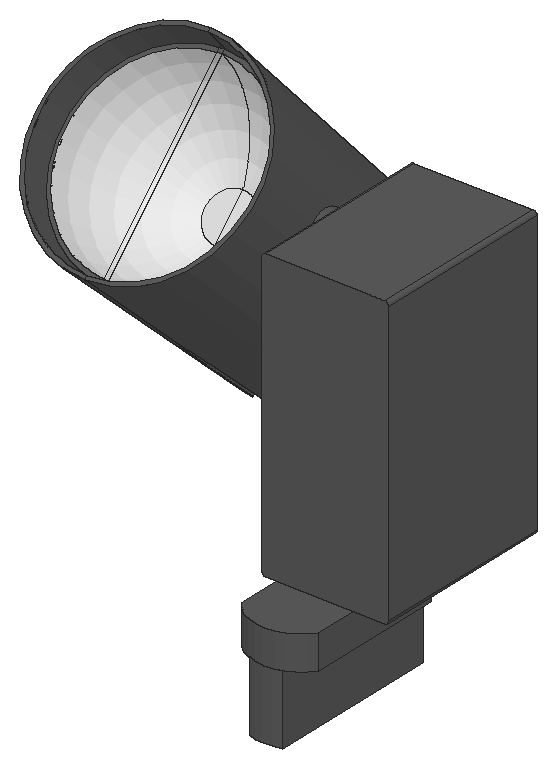
Revit family "0004849 Feilo Sylvania Lighting Fixture START TRACK SPOT S 14W 4K RA80 WB BLACK", category Lighting Fixtures, host Face, Revit 2017 (continued)
Definition of nested family "Start Track Spot Head"
  Types (96, lengths in mm): name | Wattage | built-in parameter 1150134 | Photometric Web File | Model | built-in parameter 1150105 | Lumens | built-in parameter 1150107 | built-in parameter 1150106 | HeadThickness_FEILO | HeadRibOffset_FEILO | HeadRibDepth_FEILO | HeadRibCutWidth_FEILO | HeadRibCutOffset_FEILO | HeadReflectorRadius_FEILO | HeadReflectorOffset_FEILO | HeadLEDRadius_FEILO | HeadHeight_FEILO | HeadDiffusorOffset_FEILO | HeadDiaOut_FEILO | HeadDiaIn_FEILO | HeadAxisFromTop_FEILO | Emit from Circle Diameter | built-in parameter 1150104 | Description | Apparent Load
    0004812 START TRACK SPOT S 14W 3K RA80 MB WHITE | 14 W | (empty or 0) | "0004812.ies" | "START TRACK SPOT S 14W 3K RA80 MB WHITE" | 120.32 (stored number, unit not read) | 1512 lm | 3000 (stored number, unit not read) | 1.2032 (stored number, unit not read) | 1.5 | 4.179 | 55.714 | 7.167 | 50.87 | 50.588 | 55.714 | 9.556 | 117 | 9.435 | 86 | 77.477 | 69.354 | 77.477 | 10.034 (stored number, unit not read) | "Integrated LED spotlight, Textured White - RAL9016, compact and minimalist design, ideal for retail applications, die-cast aluminium body, passive cooling heatsink. Beam angle: 36°, color temperature: 3000K , total system power: 14W, total fixture output: 1508 lm, LOR: 100%, colour rendering: Ra: 80 typical, LED Chromaticity: 3 step MacAdam ellipse, lifetime: >50000 hours at L70B50, energy class: A++, A+, A, IR/UV free light source without heat radiation, operating voltage: 220-240V / 50-60Hz, drive current: 350mA, electronic driver, non-dimmable, power factor: 0.92, electrical protection: Class II, Global Track 3 Phase adapter suitable for Global trac 3-circuit tracks, ingress protection rating: IP20, suitable for internal environment only, horizontal rotation: 355°, vertical tilt: 90°, dimensions: Ø86x140x200, weight: 0.940kg." | 14 VA
    0004811 START TRACK SPOT S 14W 3K RA80 NB WHITE | 14 W | (empty or 0) | "0004811.ies" | "START TRACK SPOT S 14W 3K RA80 NB WHITE" | 123.66 (stored number, unit not read) | 1554 lm | 3000 (stored number, unit not read) | 1.2366 (stored number, unit not read) | 1.5 | 4.179 | 55.714 | 7.167 | 50.87 | 50.588 | 55.714 | 9.556 | 117 | 9.435 | 86 | 77.477 | 69.354 | 77.477 | 10.312 (stored number, unit not read) | "Integrated LED spotlight, Textured White - RAL9016, compact and minimalist design, ideal for retail applications, die-cast aluminium body, passive cooling heatsink. Beam angle: 12°, color temperature: 3000K , total system power: 14W, total fixture output: 1551 lm, LOR: 100%, colour rendering: Ra: 80 typical, LED Chromaticity: 3 step MacAdam ellipse, lifetime: >50000 hours at L70B50, energy class: A++, A+, A, IR/UV free light source without heat radiation, operating voltage: 220-240V / 50-60Hz, drive current: 350mA, electronic driver, non-dimmable, power factor: 0.92, electrical protection: Class II, Global Track 3 Phase adapter suitable for Global trac 3-circuit tracks, ingress protection rating: IP20, suitable for internal environment only, horizontal rotation: 355°, vertical tilt: 90°, dimensions: Ø86x140x200, weight: 0.940kg." | 14 VA
  Reference planes
    plane 1 "Center (Front/Back)": y = 0
    plane 2: z = 0
    plane 3 "Center (Left/Right)": x = 0
    plane 4: x = 43
    plane 5: x = -43
    plane 6: x = -38.739
    plane 7: x = 38.739
    plane 8: z = 69.354
    plane 9: z = -47.646
    plane 10: x = -41.5
    plane 11: x = -37.239
    plane 12: z = -38.211
    plane 13: z = -35.211
    plane 14: z = 8.068
    plane 15: x = -9.556
    plane 16: x = -28.667
    plane 17: x = -19.111
    plane 18: x = -27.167
    plane 19: x = -17.611
    plane 20: x = -8.056
    plane 21: z = 13.64
    plane 22: x = -29.667
    plane 23: x = -26.167
    plane 24: x = -20.111
    plane 25: x = -16.611
    plane 26: x = -10.556
    plane 27: x = -7.056
    plane 28: x = -36.239
    plane 29: x = -40.5
    plane 30: z = 65.175
    plane 31: z = 60.997
    plane 32: z = 56.818
    plane 33: z = 18.484
    plane 34: y = -43
    plane 35: y = 43
    plane 36: y = 3.583
    plane 37: y = -3.583
    plane 38: y = -2.583
    plane 39: y = 2.583
    plane 40: y = 46
    plane 41: z = 13.5
    plane 42: z = -13.5
    plane 43: y = 39
    plane 44: x = 4.708
    plane 45: x = -2.458
    plane 46: x = -1.458
    plane 47: x = 1.458
  Forms (mm)
    Extrusion 1, solid
      sketch origin (4.2, 0, 0) x (1, 0, 0) y (0, 1, 0)
        loop
          line (-1219.2, 1219.2) -> (-1219.2, -1219.2) -> (1219.2, -1219.2) -> (1219.2, 1219.2) -> (-1219.2, 1219.2)
      from 0 to -68.017
    Revolve 2, solid, material <- "Material_1_FEILO", detail levels medium+fine
      sketch origin (0, 0, 0) x (1, 0, 0) y (0, 0, 1)
        loop
          line (-43, -47.646) -> (-41.5, -47.646) -> (-40.5, -35.211) -> (-38.739, -35.211)
          arc (-38.739, -35.211) -> (-30.16, -9.517) -> (-9.556, 8.068) r 50.588
          line (-9.556, 8.068) -> (0, 8.068) -> (0, 13.64) -> (-16.611, 13.64) -> (-17.611, 60.997) -> (-19.111, 60.997) -> (-20.111, 13.64) -> (-36.239, 13.64) -> (-37.239, 69.354) -> (-38.739, 69.354) -> (-43, -47.646)
        axis (0, 69.354) -> (0, -47.646)
      angle from 360 to 0
    Extrusion 3, void
      sketch origin (0, 0, 0) x (0, 1, 0) y (0, 0, 1)
        loop
          line (-3.583, 69.354) -> (-2.583, 18.484) -> (1.932, 18.484) -> (2.932, 69.354) -> (-3.583, 69.354)
      from 43 to -43
    Revolve 4, solid, material <- "Material_2_FEILO", detail levels medium+fine
      sketch origin (0, 0, 0) x (1, 0, 0) y (0, 0, 1)
        loop
          line (-41.5, -38.211) -> (0, -38.211) -> (0, -35.211) -> (-41.5, -35.211) -> (-41.5, -38.211)
        axis (0, -35.211) -> (0, -38.211)
      angle from 360 to 0
    Revolve 5, solid, material <- "Material_1_FEILO"
      sketch origin (0, 0, 0) x (0, 1, 0) y (0, 0, 1)
        loop
          line (46, 0) -> (39, 0) -> (39, -13.5) -> (46, -13.5) -> (46, 0)
        axis (39, 0) -> (46, 0)
      angle from 360 to 0
    Revolve 6, solid, material <- "Material_1_FEILO", detail levels medium+fine
      sketch origin (0, 0, 0) x (1, 0, 0) y (0, 0, 1)
        loop
          line (-29.667, 13.64) -> (-26.167, 13.64) -> (-27.167, 65.175) -> (-28.667, 65.175) -> (-29.667, 13.64)
        loop
          line (-10.556, 13.64) -> (-7.056, 13.64) -> (-7.833, 56.818) -> (-9.778, 56.818) -> (-10.556, 13.64)
        axis (0, 65.175) -> (0, 13.64)
      angle from 360 to 0
    Extrusion 7, void
      sketch origin (0, 0, 0) x (1, 0, 0) y (0, 0, 1)
        loop
          line (4.708, 69.354) -> (-2.458, 69.354) -> (-1.458, 13.64) -> (1.458, 13.64) -> (4.708, 69.354)
      from -43 to 43
    Revolve 8, solid, material <- "Material_1_FEILO", detail levels coarse
      sketch origin (0, 0, 0) x (1, 0, 0) y (0, 0, 1)
        loop
          line (0, 69.354) -> (-38.739, 69.354) -> (-43, -47.646) -> (-41.5, -47.646) -> (-40.731, -38.211) -> (0, -38.211) -> (0, 69.354)
        axis (0, 69.354) -> (0, -47.646)
      angle from 360 to 0
  Cuts and joins
    Extrusion 3 cuts Revolve 2
    Extrusion 7 cuts Revolve 6
  Dimensions and locks
    equal spacing: plane 7, plane 3 "Center (Left/Right)", plane 6
    equal spacing: plane 4, plane 3 "Center (Left/Right)", plane 5
    "HeadDiaOut_FEILO": plane 4 to plane 5
    "HeadDiaIn_FEILO": plane 7 to plane 6
    "HeadHeight_FEILO": plane 8 to plane 9
    "HeadThickness_FEILO": plane 10 to plane 5
    "HeadThickness_FEILO": plane 11 to plane 6
    "HeadDiffusorOffset_FEILO": plane 12 to plane 9
    "HeadDiffusorThickness_FEILO": plane 13 to plane 12
    "HeadReflectorOffset_FEILO": plane 14 to plane 9
    "HeadLEDRadius_FEILO": plane 3 "Center (Left/Right)" to plane 15
    "HeadLEDRadius_FEILO": plane 15 to plane 17
    "HeadLEDRadius_FEILO": plane 17 to plane 16
    "HeadThickness_FEILO": plane 18 to plane 16
    "HeadThickness_FEILO": plane 19 to plane 17
    "HeadThickness_FEILO": plane 20 to plane 15
    "HeadRibDepth_FEILO": plane 8 to plane 21
    "HeadDraft_FEILO": plane 16 to plane 22
    "HeadDraft_FEILO": plane 23 to plane 18
    "HeadDraft_FEILO": plane 17 to plane 24
    "HeadDraft_FEILO": plane 25 to plane 19
    "HeadDraft_FEILO": plane 15 to plane 26
    "HeadDraft_FEILO": plane 27 to plane 20
    "HeadDraft_FEILO": plane 29 to plane 10
    "HeadDraft_FEILO": plane 28 to plane 11
    "HeadRibOffset_FEILO": plane 8 to plane 30
    "HeadRibOffset_FEILO": plane 30 to plane 31
    "HeadRibOffset_FEILO": plane 31 to plane 32
    "HeadAxisFromTop_FEILO": plane 8 to plane 2
    "HeadRibCutOffset_FEILO": plane 8 to plane 33
    equal spacing: plane 34, plane 1 "Center (Front/Back)", plane 35
    "HeadDiaOut_FEILO": plane 34 to plane 35
    equal spacing: plane 38, plane 1 "Center (Front/Back)", plane 39
    equal spacing: plane 37, plane 1 "Center (Front/Back)", plane 36
    "HeadRibCutWidth_FEILO": plane 37 to plane 36
    "HeadDraft_FEILO": plane 37 to plane 38
    locked: plane 35 to plane 40 at 3
    equal spacing: plane 41, plane 2, plane 42
    locked: plane 42 to plane 41 at 27
    locked: plane 43 to plane 35 at 4
    equal spacing: plane 45, imposter light, plane 44
    "HeadDraft_FEILO": plane 46 to plane 45
    "HeadRibCutWidth_FEILO": plane 44 to plane 45
    equal spacing: plane 47, plane 3 "Center (Left/Right)", plane 46
    "HeadReflectorRadius_FEILO": radius of Revolve 2 sketch curve
    aligned and locked: plane 2 to Extrusion 1
    aligned and locked: level to Extrusion 1
    aligned and locked: Revolve 2 sketch curve to plane 3 "Center (Left/Right)"  (x2)
    aligned and locked: plane 9 to Revolve 2 sketch curve  (x2)
    aligned and locked: plane 5 to Revolve 2 sketch curve
    aligned and locked: plane 10 to Revolve 2 sketch curve
    aligned and locked: plane 14 to Revolve 2 sketch curve
    aligned and locked: plane 8 to Revolve 2 sketch curve
    aligned and locked: Revolve 2 sketch curve to plane 13
    aligned and locked: plane 12 to Revolve 4 sketch curve
    aligned and locked: plane 3 "Center (Left/Right)" to Revolve 4 sketch curve
    aligned and locked: Revolve 4 sketch curve to plane 10
    aligned and locked: Revolve 4 sketch curve to plane 3 "Center (Left/Right)"
    aligned and locked: plane 12 to imposter light
    aligned and locked: imposter light to plane 1 "Center (Front/Back)"
    aligned and locked: Revolve 5 sketch curve to plane 2
    aligned and locked: plane 43 to Revolve 5 sketch curve
    aligned and locked: plane 42 to Revolve 5 sketch curve
    aligned and locked: Revolve 6 sketch curve to plane 3 "Center (Left/Right)"
    aligned and locked: plane 22 to Revolve 6 sketch curve
    aligned and locked: plane 30 to Revolve 6 sketch curve
    aligned and locked: plane 23 to Revolve 6 sketch curve
    aligned and locked: Revolve 6 sketch curve to plane 21  (x2)
    aligned and locked: plane 21 to Revolve 6 sketch curve
    aligned and locked: plane 17 to Revolve 2 sketch curve
    aligned and locked: plane 19 to Revolve 2 sketch curve
    aligned and locked: plane 31 to Revolve 2 sketch curve
    aligned and locked: plane 21 to Revolve 2 sketch curve
    aligned and locked: Extrusion 3 to plane 8
    aligned and locked: plane 33 to Extrusion 3
    aligned and locked: plane 8 to Extrusion 3 sketch curve
    aligned and locked: Extrusion 3 sketch curve to plane 33
    aligned and locked: Extrusion 3 to plane 5
    aligned and locked: plane 4 to Extrusion 3
    aligned and locked: plane 32 to Revolve 6 sketch curve
    aligned and locked: plane 44 to Extrusion 7 sketch curve
    aligned and locked: Extrusion 7 sketch curve to plane 8
    aligned and locked: plane 46 to Extrusion 7 sketch curve
    aligned and locked: plane 21 to Extrusion 7 sketch curve
    aligned and locked: plane 34 to Extrusion 7
    aligned and locked: Extrusion 7 to plane 35
    aligned and locked: Revolve 4 sketch curve to plane 13
    aligned and locked: Revolve 5 sketch curve to plane 40
    aligned and locked: Revolve 8 sketch curve to plane 3 "Center (Left/Right)"
    aligned and locked: Revolve 8 sketch curve to cut or joined group of Revolve 2, Extrusion 3  (x3)
    aligned and locked: plane 5 to Revolve 8 sketch curve
    aligned and locked: plane 3 "Center (Left/Right)" to Revolve 8 sketch curve
    aligned and locked: plane 12 to Revolve 8 sketch curve
  Automatic sketch dimensions
    Extrusion 1 sketch curve to Extrusion 1 sketch curve = 2438.4 mm  (x2)
    Extrusion 3 sketch curve to plane 37 = 0 mm
    Extrusion 3 sketch curve to plane 38 = 0 mm
    plane 39 to Extrusion 3 sketch curve = 0.651 mm
    Extrusion 3 sketch curve to plane 39 = 0.349 mm
    Revolve 6 sketch curve to plane 16 = 0 mm
    Revolve 6 sketch curve to plane 18 = 0 mm
    Revolve 6 sketch curve to plane 26 = 0 mm
    Revolve 6 sketch curve to plane 27 = 0 mm
    Revolve 6 sketch curve to plane 15 = 0.222 mm
    plane 9 to Revolve 6 sketch curve = 559.103 mm
    Revolve 6 sketch curve to plane 8 = 2535.555 mm
    plane 20 to Revolve 6 sketch curve = 0.222 mm
    Revolve 2 sketch curve to plane 29 = 0 mm
    Revolve 2 sketch curve to plane 6 = 0 mm  (x2)
    Revolve 2 sketch curve to plane 11 = 0 mm
    Revolve 2 sketch curve to plane 21 = 0 mm
    Revolve 2 sketch curve to plane 28 = 0 mm
    Revolve 2 sketch curve to plane 24 = 0 mm
    Revolve 2 sketch curve to plane 25 = 0 mm
    Revolve 2 sketch curve to plane 15 = 0 mm
    Revolve 2 sketch curve to Revolve 2 sketch curve = 557.155 mm
    Revolve 2 sketch curve to plane 8 = 2535.558 mm
    Extrusion 7 sketch curve to plane 45 = 0 mm
    Extrusion 7 sketch curve to plane 47 = 0 mm
    plane 9 to Revolve 4 sketch curve = 559.103 mm
    Revolve 4 sketch curve to plane 8 = 2535.555 mm
    Revolve 5 sketch curve to level = 0 mm
    plane 34 to Revolve 5 sketch curve = 1968.092 mm
    Revolve 5 sketch curve to plane 40 = 1405.763 mm
    Revolve 8 sketch curve to plane 6 = 0 mm
    Revolve 8 sketch curve to plane 29 = 0.231 mm
    plane 9 to Revolve 8 sketch curve = 559.103 mm
    Revolve 8 sketch curve to Revolve 8 sketch curve = 2535.555 mm
Definition of nested family "Start Track Spot Box"
  Parameters (values of type "Type Large White")
    URL = "http://www.feilosylvania.com"
    Type Image = (empty or 0)
    Type Comments = "n/a"
    Small_FEILO = no
    Material_3_FEILO = none
    Model = ""
    Manufacturer = "Feilo Sylvania"
    Keynote = ""
    Material_2_FEILO = none
    Description = ""
    Default Elevation = 1219.2 mm
    Cost = 0
    Material_1_FEILO = none
    BoxWidth_FEILO = 49 mm
    BoxStartAngle_FEILO [instance] = 0.00°
    BoxRadius_FEILO = 1.5 mm
    BoxHeight_FEILO = if(Small_FEILO, 112 mm, 136 mm)  # 136 mm
    BoxEndAngle_FEILO [instance] = BoxStartAngle_FEILO - 180.00°  # -180.00°
    BoxDepth_FEILO = if(Small_FEILO, 71.5 mm, 79 mm)  # 79 mm
    BoxAxisVerticalOffset_FEILO = 16 mm
    BoxAxisOffset_FEILO = BoxHeight_FEILO / 6.8  # 20 mm
    Assembly Code = ""
    Material_4_FEILO = none
  Types (4, lengths in mm): name | Small_FEILO | BoxHeight_FEILO | BoxDepth_FEILO | BoxAxisOffset_FEILO
    Type Large White | no | 136 | 79 | 20
    Type Small White | yes | 112 | 71.5 | 16.471
    Type Small Black | yes | 112 | 71.5 | 16.471
    Type Large Black | no | 136 | 79 | 20
  Reference planes
    plane 1 "Center (Front/Back)": y = 0
    plane 2: z = 0
    plane 3 "Center (Left/Right)": x = 0
    plane 4: x = 24.5
    plane 5: x = -24.5
    plane 6: y = 68
    plane 7: y = -68
    plane 8: z = 39.5
    plane 9: z = -39.5
    plane 10: y = -48
    plane 11: x = 30.5
    plane 12: x = 8.5
    plane 13: x = 21.5
    plane 14: y = 70
    plane 15: y = 72
    plane 16: x = 19.5
  Forms (mm)
    Extrusion 1, solid
      sketch origin (4.2, 0, 0) x (1, 0, 0) y (0, 1, 0)
        loop
          line (-1219.2, 1219.2) -> (-1219.2, -1219.2) -> (1219.2, -1219.2) -> (1219.2, 1219.2) -> (-1219.2, 1219.2)
      from 0 to -68.017
    Extrusion 2, solid, material <- "Material_1_FEILO"
      sketch origin (0, 0, 0) x (1, 0, 0) y (0, 1, 0)
        loop
          arc (-23, 68) -> (-24.061, 67.561) -> (-24.5, 66.5) r 1.5
          line (-24.5, 66.5) -> (-24.5, -66.5)
          arc (-24.5, -66.5) -> (-24.061, -67.561) -> (-23, -68) r 1.5
          line (-23, -68) -> (23, -68)
          arc (23, -68) -> (24.061, -67.561) -> (24.5, -66.5) r 1.5
          line (24.5, -66.5) -> (24.5, 66.5)
          arc (24.5, 66.5) -> (24.061, 67.561) -> (23, 68) r 1.5
          line (23, 68) -> (-23, 68)
      from -39.5 to 39.5
    Revolve 3, solid, not visible
      sketch origin (0, 0, 0) x (1, 0, 0) y (0, 1, 0)
        loop
          line (30.5, -48) -> (24.5, -48) -> (24.5, -68) -> (30.5, -68) -> (30.5, -48)
        axis (30.5, -48) -> (24.5, -48)
      angle from 0 <- "BoxStartAngle_FEILO" to -180 <- "BoxEndAngle_FEILO"
    Revolve 4, solid, material <- "Material_2_FEILO"
      sketch origin (0, 0, 0) x (1, 0, 0) y (0, 1, 0)
        loop
          line (8.5, 68) -> (19.5, 68) -> (19.5, 70) -> (21.5, 70) -> (21.5, 72) -> (8.5, 72) -> (8.5, 68)
        axis (8.5, 72) -> (8.5, 68)
      angle from 360 to 0
  Dimensions and locks
    equal spacing: plane 5, plane 3 "Center (Left/Right)", plane 4
    "BoxWidth_FEILO": plane 5 to plane 4
    equal spacing: plane 7, plane 1 "Center (Front/Back)", plane 6
    "BoxHeight_FEILO": plane 7 to plane 6
    equal spacing: plane 8, plane 2, plane 9
    "BoxDepth_FEILO": plane 8 to plane 9
    "BoxAxisOffset_FEILO": plane 7 to plane 10
    locked: plane 4 to plane 11 at 6
    "BoxAxisVerticalOffset_FEILO": plane 12 to plane 4
    locked: plane 12 to plane 13 at 13
    plane 6 to plane 14 to plane 15 = 2 mm locked, 2 mm locked
    locked: plane 12 to plane 16 at 11
    "BoxRadius_FEILO": radius of Extrusion 2 sketch curve  (x4)
    aligned and locked: plane 2 to Extrusion 1
    aligned and locked: level to Extrusion 1
    aligned and locked: plane 6 to Extrusion 2 sketch curve
    aligned and locked: plane 5 to Extrusion 2 sketch curve
    aligned and locked: Extrusion 2 sketch curve to plane 7
    aligned and locked: Extrusion 2 sketch curve to plane 4
    aligned and locked: Extrusion 2 to plane 8
    aligned and locked: plane 9 to Extrusion 2
    aligned and locked: Revolve 3 sketch curve to plane 10  (x2)
    aligned and locked: plane 11 to Revolve 3 sketch curve
    aligned and locked: Revolve 3 sketch curve to plane 4
    aligned and locked: plane 7 to Revolve 3 sketch curve
    aligned and locked: Revolve 4 sketch curve to plane 12
    aligned and locked: plane 6 to Revolve 4 sketch curve
    aligned and locked: plane 12 to Revolve 4 sketch curve
    aligned and locked: plane 15 to Revolve 4 sketch curve
    aligned and locked: Revolve 4 sketch curve to plane 13
    aligned and locked: Revolve 4 sketch curve to plane 14
    aligned and locked: Revolve 4 sketch curve to plane 16
    aligned and locked: Revolve 4 sketch curve to plane 6
  Automatic sketch dimensions
    Extrusion 1 sketch curve to Extrusion 1 sketch curve = 2438.4 mm  (x2)
    Revolve 3 sketch curve to plane 5 = 1499.5 mm
    plane 11 to Revolve 3 sketch curve = 1493.5 mm
    plane 15 to Revolve 4 sketch curve = 0 mm
    plane 7 to Revolve 4 sketch curve = 1456 mm
    Revolve 4 sketch curve to plane 15 = 1452 mm
